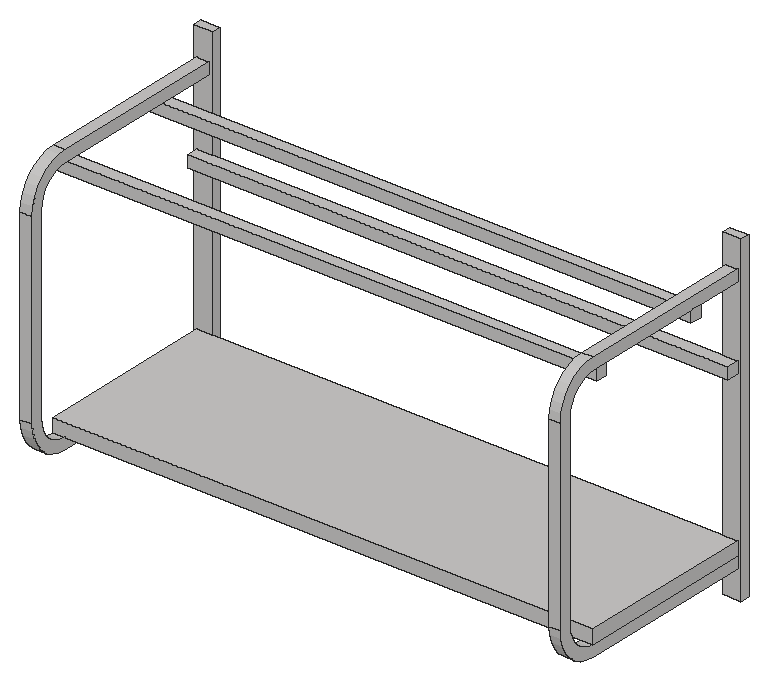
Revit family "QF_ELECTROLUXPROFESSIONAL_864263_DWWS2", category Attrezzature speciali, Revit 2020
Family settings
  Quota connettore circolare = Usa diametro
  Tipo di parte = Normale
  Basato su piano di lavoro = No
  Sempre verticale = Sì
  Taglio con vuoti quando caricato = No
  Condiviso = No
  Punto di calcolo locali = No
Parameters (values of type "Standard")
  Weight = 0.00 kg
  Watts = 0 W
  Volts = 0 V
  URL Manufacturer = ""
  URL = ""
  Steam Supply Size = 0 mm
  Steam Supply Minimum Pressure = 0.0 Pa
  Steam Supply Maximum Pressure = 0.0 Pa
  Steam Consumption per Hour = 0
  Show Clearance [instance] = yes
  Refrigeration Suction Line Size = 0 mm
  Refrigeration Liquid Line Size = 0 mm
  Refrigerant Compressor Remote = yes
  Prospetto di default = 0 mm
  Manufacturer = ""
  Phase = 0
  Model = ""
  Length Actual = 1180 mm  # constant formula
  Item Number = ""
  Hot Water Size = 0 mm
  Height Actual = 700 mm  # constant formula
  HP = ""
  Gas Size = 0 mm
  Gas KW = 0
  Gas Input Pressure = 0 W
  Direct Waste Size = 0 mm
  Description = ""
  Depth Actual = 500 mm  # constant formula
  Cycle = 0 Hz
  Condensate Return Size = 0 mm
  Compressed Air Volume = 0.0 L/s
  Compressed Air Size = 0 mm
  Compressed Air Pressure = 0.0 Pa
  Cold Water Size = 0 mm
  Accessory = yes
Reference planes
  plane 1 "Back": y = 0
  plane 2: z = -16
  plane 3 "FRONT": y = -497
  plane 4 "LEFT": x = -126
  plane 5 "RIGHT": x = 1054
  plane 6: x = 464
  plane 7: y = -248.5
  plane 8 "Sopra": z = 684
  plane 9: z = 384
  plane 10: x = -118.5
  plane 11: x = 1046.5
  plane 12: x = -93.5
  plane 13: x = -86
  plane 14: x = 1021.5
  plane 15: x = 1014
  plane 16: y = -20
  plane 17: y = -45
  plane 18: y = -120
  plane 19: y = -145
  plane 20: y = -375
  plane 21: y = -400
  plane 22: z = 44
  plane 23: z = 69
  plane 24: z = 99
  plane 25: z = 421.5
  plane 26: z = 574
  plane 27: z = 599
  plane 28: z = 624
  plane 29: z = 446.5
  plane 30: y = -400
Forms (mm)
  Extrusion 1, solid, material "QF_Finishes_Stainless Steel"
    sketch origin (0, 250, 0) x (-1, 0, 0) y (0, 0, 1)
      loop
        line (86, -16) -> (126, -16) -> (126, 684) -> (86, 684) -> (86, -16)
    from -270 to -250
  Extrusion 2, solid, material "QF_Finishes_Stainless Steel"
    sketch origin (928, 250, 0) x (1, 0, 0) y (0, 0, -1)
      loop
        line (86, 16) -> (86, -684) -> (126, -684) -> (126, 16) -> (86, 16)
    from -270 to -250
  Extrusion 3, solid, material "QF_Finishes_Stainless Steel"
    sketch origin (0, 0, 0) x (0, 1, 0) y (0, 0, 1)
      loop
        line (-20, 624) -> (-407.392, 624)
        arc (-407.392, 624) -> (-470.754, 597.754) -> (-497, 534.392) r 89.608
        line (-497, 534.392) -> (-497, 133.608)
        arc (-497, 133.608) -> (-470.754, 70.246) -> (-407.392, 44) r 89.608
        line (-407.392, 44) -> (-20, 44) -> (-20, 69) -> (-407.392, 69)
        arc (-407.392, 69) -> (-453.077, 87.923) -> (-472, 133.608) r 64.608
        line (-472, 133.608) -> (-472, 534.392)
        arc (-472, 534.392) -> (-453.077, 580.077) -> (-407.392, 599) r 64.608
        line (-407.392, 599) -> (-20, 599) -> (-20, 624)
    from -118.5 to -93.5
  Extrusion 4, solid, material "QF_Finishes_Stainless Steel"
    sketch origin (928, 0, 0) x (0, 1, 0) y (0, 0, -1)
      loop
        line (-20, -624) -> (-20, -599) -> (-407.392, -599)
        arc (-407.392, -599) -> (-453.077, -580.077) -> (-472, -534.392) r 64.608
        line (-472, -534.392) -> (-472, -133.608)
        arc (-472, -133.608) -> (-453.077, -87.923) -> (-407.392, -69) r 64.608
        line (-407.392, -69) -> (-20, -69) -> (-20, -44) -> (-407.392, -44)
        arc (-407.392, -44) -> (-470.754, -70.246) -> (-497, -133.608) r 89.608
        line (-497, -133.608) -> (-497, -534.392)
        arc (-497, -534.392) -> (-470.754, -597.754) -> (-407.392, -624) r 89.608
        line (-407.392, -624) -> (-20, -624)
    from -118.5 to -93.5
  Extrusion 5, solid, material "QF_Finishes_Stainless Steel"
    sketch origin (0, 0, 0) x (0, 1, 0) y (0, 0, 1)
      loop
        line (-120, 599) -> (-145, 599) -> (-145, 574) -> (-120, 574) -> (-120, 599)
    from -118.5 to 1046.5
  Extrusion 6, solid, material "QF_Finishes_Stainless Steel"
    sketch origin (0, 0, 0) x (0, 1, 0) y (0, 0, 1)
      loop
        line (-375, 599) -> (-400, 599) -> (-400, 574) -> (-375, 574) -> (-375, 599)
    from -118.5 to 1046.5
  Extrusion 7, solid, material "QF_Finishes_Stainless Steel"
    sketch origin (0, 0, 0) x (0, 1, 0) y (0, 0, 1)
      loop
        line (-20, 446.5) -> (-45, 446.5) -> (-45, 421.5) -> (-20, 421.5) -> (-20, 446.5)
    from -118.5 to 1046.5
  Extrusion 8, solid, material "QF_Finishes_Stainless Steel"
    sketch origin (0, 0, 0) x (0, 1, 0) y (0, 0, 1)
      loop
        line (-20, 99) -> (-409.608, 99) -> (-409.608, 69) -> (-20, 69) -> (-20, 99)
    from -118.5 to 1046.5
Dimensions and locks
  plane 4 "LEFT" to plane 5 "RIGHT" = 1180 mm
  plane 3 "FRONT" to plane 1 "Back" = 497 mm
  equal spacing: plane 4 "LEFT", plane 6, plane 5 "RIGHT"
  equal spacing: plane 3 "FRONT", plane 7, plane 1 "Back"
  plane 8 "Sopra" to plane 2 = 700 mm
  plane 10 to plane 11 = 1165 mm
  equal spacing: plane 10, plane 6, plane 11
  locked: plane 10 to plane 12 at 25
  locked: plane 14 to plane 11 at 25
  locked: plane 12 to plane 13 at 7.5
  locked: plane 15 to plane 14 at 7.5
  plane 8 "Sopra" to plane 28 to plane 27 to plane 26 to plane 29 to plane 25 to plane 24 to plane 23 to plane 22 to plane 2 = 60 mm, 25 mm, 25 mm, 127.5 mm, 25 mm, 322.5 mm, 30 mm, 25 mm, 60 mm
  plane 16 to plane 17 to plane 18 to plane 19 to plane 20 to plane 21 = 25 mm locked, 75 mm locked, 25 mm locked, 230 mm locked, 25 mm locked
  locked: plane 16 to plane 30 at 380
  plane 1 "Back" to plane 16 = 20 mm
  aligned and locked: level to plane 2
  aligned and locked: Extrusion 1 sketch curve to level
  aligned and locked: plane 13 to Extrusion 1 sketch curve
  aligned and locked: Extrusion 1 sketch curve to plane 4 "LEFT"
  aligned and locked: plane 8 "Sopra" to Extrusion 1
  aligned and locked: plane 16 to Extrusion 1
  aligned and locked: Extrusion 1 to plane 1 "Back"
  aligned and locked: plane 1 "Back" to Extrusion 1
  aligned and locked: Extrusion 1 to plane 16
  aligned and locked: plane 10 to Extrusion 3
  aligned and locked: plane 12 to Extrusion 3
  aligned and locked: Extrusion 4 to plane 11
  aligned and locked: Extrusion 4 to plane 14
  aligned and locked: Extrusion 2 to plane 5 "RIGHT"
  aligned and locked: Extrusion 2 to plane 15
  aligned and locked: plane 27 to Extrusion 6 sketch curve
  aligned and locked: plane 20 to Extrusion 6 sketch curve
  aligned and locked: Extrusion 6 sketch curve to plane 26
  aligned and locked: Extrusion 6 sketch curve to plane 21
  aligned and locked: plane 26 to Extrusion 5 sketch curve
  aligned and locked: plane 19 to Extrusion 5 sketch curve
  aligned and locked: plane 18 to Extrusion 5 sketch curve
  aligned and locked: Extrusion 5 sketch curve to plane 27
  aligned and locked: plane 29 to Extrusion 7 sketch curve
  aligned and locked: Extrusion 7 sketch curve to plane 16
  aligned and locked: Extrusion 7 sketch curve to plane 25
  aligned and locked: plane 17 to Extrusion 7 sketch curve
  aligned and locked: plane 24 to Extrusion 8 sketch curve
  aligned and locked: Extrusion 8 sketch curve to plane 16
  aligned and locked: Extrusion 8 sketch curve to plane 23
  aligned and locked: Extrusion 3 to plane 23
  aligned and locked: plane 10 to Extrusion 6
  aligned and locked: plane 10 to Extrusion 7
  aligned and locked: plane 10 to Extrusion 5
  aligned and locked: Extrusion 6 to plane 11
  aligned and locked: Extrusion 5 to plane 11
  aligned and locked: Extrusion 7 to plane 11
  aligned and locked: plane 16 to Extrusion 2
Automatic sketch dimensions
  Extrusion 1 sketch curve to plane 8 "Sopra" = 0 mm
  Extrusion 2 sketch curve to plane 8 "Sopra" = 0 mm
  Extrusion 2 sketch curve to plane 15 = 0 mm
  plane 5 "RIGHT" to Extrusion 2 sketch curve = 0 mm
  Extrusion 2 sketch curve to level = 0 mm
  Extrusion 3 sketch curve to Extrusion 3 sketch curve = 0 mm  (x8)
  Extrusion 3 sketch curve to plane 3 "FRONT" = 0 mm
  Extrusion 3 sketch curve to plane 23 = 0 mm
  Extrusion 3 sketch curve to plane 22 = 0 mm
  Extrusion 3 sketch curve to plane 27 = 0 mm
  Extrusion 3 sketch curve to plane 16 = 0 mm  (x2)
  Extrusion 4 sketch curve to Extrusion 4 sketch curve = 0 mm  (x8)
  Extrusion 4 sketch curve to plane 3 "FRONT" = 0 mm
  plane 23 to Extrusion 4 sketch curve = 0 mm
  plane 22 to Extrusion 4 sketch curve = 0 mm
  Extrusion 4 sketch curve to plane 27 = 0 mm
  Extrusion 4 sketch curve to plane 16 = 0 mm  (x2)
  Extrusion 3 sketch curve to plane 21 = 7.392 mm  (x2)
  Extrusion 4 sketch curve to plane 21 = 7.392 mm  (x2)
  Extrusion 8 sketch curve to plane 21 = 9.608 mm
